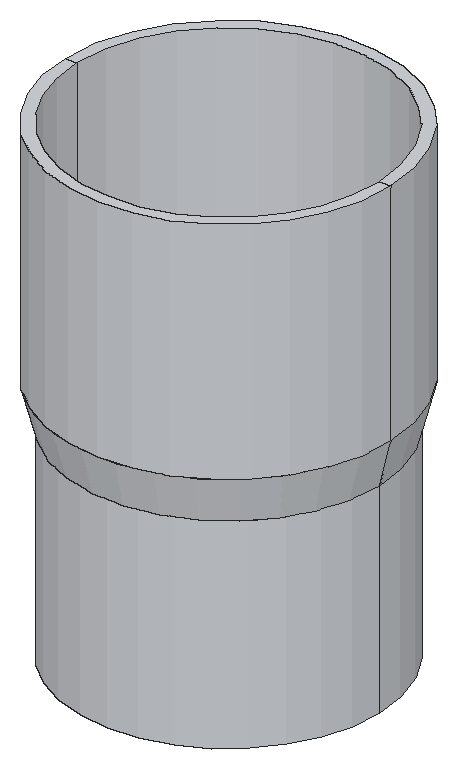
Revit family "FA3B", category Doors, Revit 2017
Family settings
  Work Plane-Based = Yes
  Always vertical = No
  Cut with Voids When Loaded = No
  Shared = No
  Room Calculation Point = No
Parameters (values of type "NBS Standard Parameters")
  Weight = "0.0403Kg"
  WarrantyStartDate [instance] = "1900-12-31T23:59:59"
  WarrantyGuarantorParts = "n/a"
  WarrantyGuarantorLabor = "n/a"
  WarrantyDurationUnit = "1 year"
  WarrantyDurationParts = "n/a"
  WarrantyDurationLabor = "n/a"
  WarrantyDescription = "n/a"
  Version = "1"
  Uniclass2 = "Pr_65_70_11_20"
  TagNumber [instance] = "n/a"
  SustainabilityPerformance = "n/a"
  Size = "25mm (Male)"
  Shape = "Circular"
  SerialNumber [instance] = "n/a"
  Revision = "n/a"
  ReplacementCost = "n/a"
  ProductInformation = "www.metpro.co.uk/pdf/FA3G.pdf"
  NominalWidth = 28 mm
  NominalLength = 28 mm
  NominalHeight = 42 mm
  Name = ""
  NBSTypeID = ""
  NBSReference = "90-55-10/460"
  NBSOfficeMasterTag = ""
  NBSNote = ""
  NBSDescription = "Conduit Fittings"
  NBSCertification = ""
  ModelReference = "FA3B"
  ModelNumber = "n/a"
  Material = "Steel"
  ManufacturerURL = "www.metpro.co.uk"
  ManufacturerName = "Metpro Ltd"
  Keynote = "Compliant to LU standard 1-085"
  InstallationDate [instance] = "1900-12-31T23:59:59"
  IfcExportType = ""
  IfcExportAs = ""
  Grade = "n/a"
  Finish = "Black"
  Features = "n/a"
  ExpectedLife = "n/a"
  DurationUnit = "year"
  Description = "FA3B 25mm Male-1\" Female Conduit Adaptor"
  Default Elevation = 1219.2 mm
  Constituents = "n/a"
  Color = "n/a"
  CodePerformance = "n/a"
  Category = "n/a"
  BarCode [instance] = "n/a"
  BIMObjectName = "Metpro_Metprolibrary_Caonduitfittings_metalcomponent_steelaccessories"
  Author = "Metpro Limited"
  AssetType = ""
  AssetIdentifier [instance] = "n/a"
  AccessibilityPerformance = "n/a"
Reference planes
  plane 1 "Center (Front/Back)": y = 0
  plane 2: z = 0
  plane 3 "Center (Left/Right)": x = 0
Forms (mm)
  Revolve 1, solid
    sketch origin (-11.449, -14.963, 29.193) x (0, 0, -1) y (1, 0, 0)
      loop
        line (-13.226, -4.348) -> (-13.226, -5.381) -> (6.774, -5.381) -> (10.262, -6.315) -> (28.774, -6.315) -> (28.774, -5.381) -> (10.783, -5.381) -> (6.929, -4.348) -> (-13.226, -4.348)
      axis (-13.226, -18.702) -> (28.774, -18.702)
    angle from 0 to 360
Dimensions and locks
  aligned and locked: level to plane 2
  aligned and locked: Revolve 1 sketch curve to Revolve 1 sketch curve
